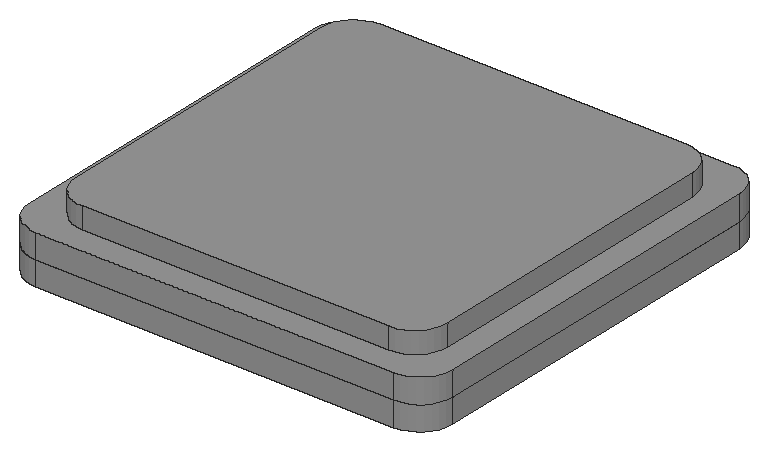
Revit family "FMS2_63_UN_Surface-mounted_ETK", category Lighting Fixtures, Revit 2019 (continued)
Definition of nested family "FMS.2 - Lightsource"
  Types (14, lengths in mm): name | Wattage Comments | Wattage | built-in parameter 1150134 | Photometric Web File | built-in parameter 1150142 | built-in parameter 1150105 | Lumens | built-in parameter 1150107 | built-in parameter 1150106 | Apparent Load
      .0757\r\n397.0375\t393.9993\t390.823\t387.7848\t384.7466\t381.5703\t378.5321\t375.3558\t372.3176\t369.1413\r\n366.1031\t362.9268\t359.8886\t356.7123\t353.6741\t350.4978\t347.4596\t344.2833\t341.2451\t338.2069\r\n335.0306\t331.9924\t328.8161\t325.0874\t321.3587\t317.7681\t314.0394\t310.3107\t306.7201\t302.9914\r\n299.2627\t295.6721\t291.9434\t288.2147\t284.6241\t280.8954\t277.1667\t273.5761\t269.8474\t266.1187\r\n262.39\t258.7994\t255.0707\t251.342\t247.6133\t244.0227\t240.294\t236.5653\t232.9747\t229.246\r\n225.5173\t221.9267\t218.198\t214.3312\t210.4644\t206.5976\t202.7308\t198.864\t194.9972\t191.1304\r\n187.2636\t183.3968\t179.53\t175.6632\t171.7964\t167.9296\t164.0628\t160.196\t156.3292\t152.4624\r\n148.5956\t144.7288\t141.0001\t137.0781\t133.2251\t129.3721\t125.5053\t121.6523\t117.7993\t113.9463\r\n110.1071\t106.1022\t95.1233\t84.1443\t73.1792\t62.2002\t51.2351\t40.2561\t29.2772\t18.3121\r\n7.3359\t0\t0\t0\t0\t0\t0\t0\t0\t0\r\n0\t0\t0\t0\t0\t0\t0\t0\t0\t0\r\n0\r\n502.9602\t502.4078\t501.7173\t501.0268\t500.4744\t499.922\t499.2315\t498.6791\t497.9886\t497.4362\r\n496.8838\t496.1933\t495.6409\t495.0885\t494.5361\t493.9837\t493.4313\t492.8789\t492.1884\t491.636\r\n491.0836\t490.5312\t489.9788\t489.4264\t488.7359\t488.1835\t487.6311\t487.0787\t486.5263\t485.9739\r\n485.2834\t483.9024\t481.969\t480.0356\t477.9641\t476.0307\t473.9592\t472.0258\t469.9543\t468.0209\r\n465.9494\t463.8779\t461.9445\t459.873\t457.9396\t455.8681\t453.9347\t451.8632\t449.7917\t447.8583\r\n445.7868\t443.7153\t441.7819\t439.7104\t437.6389\t435.7055\t433.634\t431.5625\t429.491\t427.5576\r\n425.4861\t423.2765\t420.1002\t417.062\t414.0238\t410.9856\t407.9474\t404.9092\t401.7329\t398.6947\r\n395.6565\t392.6183\t389.5801\t386.4038\t383.3656\t380.3274\t377.2892\t374.1129\t371.0747\t368.0365\r\n364.9983\t361.822\t358.7838\t355.7456\t352.5693\t349.5311\t346.4929\t343.4547\t340.2784\t337.2402\r\n334.202\t331.0257\t327.4351\t323.7064\t320.1158\t316.3871\t312.6584\t309.0678\t305.3391\t301.7485\r\n298.0198\t294.4292\t290.7005\t287.1099\t283.3812\t279.7906\t276.0619\t272.3332\t268.7426\t265.0139\r\n261.4233\t257.6946\t254.104\t250.3753\t246.7847\t243.056\t239.4654\t235.7367\t232.1461\t228.4174\r\n224.8268\t221.0981\t217.2313\t213.3645\t209.4977\t205.769\t201.9022\t198.0354\t194.1686\t190.3018\r\n186.5731\t182.7063\t178.8395\t174.9727\t171.1059\t167.2391\t163.5104\t159.6436\t155.7768\t151.91\r\n148.0432\t144.1764\t140.4477\t136.5533\t132.7141\t128.8749\t125.0219\t121.1827\t117.3436\t113.5044\r\n109.6652\t101.8073\t90.8698\t79.9185\t68.9671\t58.0158\t47.0645\t36.1131\t25.1618\t14.2105\r\n3.2619\t0\t0\t0\t0\t0\t0\t0\t0\t0\r\n0\t0\t0\t0\t0\t0\t0\t0\t0\t0\r\n0\r\n502.9602\t502.4078\t501.7173\t501.0268\t500.4744\t499.7839\t499.2315\t498.541\t497.9886\t497.4362\r\n496.7457\t496.1933\t495.5028\t494.9504\t494.398\t493.7075\t493.1551\t492.6027\t491.9122\t491.3598\r\n490.8074\t490.1169\t489.5645\t489.0121\t488.4597\t487.7692\t487.2168\t486.6644\t486.112\t485.4215\r\n484.8691\t483.0738\t481.0023\t479.0689\t476.9974\t474.9259\t472.9925\t470.921\t468.9876\t466.9161\r\n464.9827\t462.9112\t460.8397\t458.9063\t456.8348\t454.9014\t452.8299\t450.8965\t448.825\t446.8916\r\n444.8201\t442.7486\t440.8152\t438.7437\t436.6722\t434.7388\t432.6673\t430.5958\t428.6624\t426.5909\r\n424.5194\t421.7574\t418.7192\t415.5429\t412.5047\t409.4665\t406.4283\t403.3901\t400.3519\t397.3137\r\n394.1374\t391.0992\t388.061\t385.0228\t381.9846\t378.9464\t375.9082\t372.87\t369.8318\t366.6555\r\n363.6173\t360.5791\t357.5409\t354.5027\t351.4645\t348.4263\t345.25\t342.2118\t339.1736\t336.1354\r\n333.0972\t329.5066\t325.916\t322.3254\t318.5967\t315.0061\t311.4155\t307.6868\t304.0962\t300.3675\r\n296.7769\t293.1863\t289.4576\t285.867\t282.2764\t278.5477\t274.9571\t271.2284\t267.6378\t264.0472\r\n260.3185\t256.7279\t253.1373\t249.4086\t245.818\t242.0893\t238.4987\t234.9081\t231.1794\t227.5888\r\n223.9982\t220.1314\t216.2646\t212.5359\t208.6691\t204.8023\t201.0736\t197.2068\t193.34\t189.6113\r\n185.7445\t181.8777\t178.149\t174.2822\t170.4154\t166.5486\t162.8199\t158.9531\t155.0863\t151.3576\r\n147.4908\t143.624\t139.7572\t135.9871\t132.1617\t128.3363\t124.511\t120.6718\t116.8464\t113.021\r\n109.1957\t99.0453\t88.1354\t77.2255\t66.3018\t55.3919\t44.482\t33.5583\t22.6484\t11.7302\r\n0.8141\t0\t0\t0\t0\t0\t0\t0\t0\t0\r\n0\t0\t0\t0\t0\t0\t0\t0\t0\t0\r\n0\r\n502.9602\t502.4078\t501.7173\t501.1649\t500.4744\t499.7839\t499.2315\t498.541\t497.9886\t497.2981\r\n496.7457\t496.0552\t495.5028\t494.8123\t494.2599\t493.5694\t493.017\t492.3265\t491.7741\t491.0836\r\n490.5312\t489.8407\t489.2883\t488.5978\t487.9073\t487.3549\t486.6644\t486.112\t485.4215\t484.8691\r\n484.1786\t482.2452\t480.1737\t478.1022\t476.1688\t474.0973\t472.0258\t470.0924\t468.0209\t465.9494\r\n464.016\t461.9445\t459.873\t457.9396\t455.8681\t453.9347\t451.8632\t449.7917\t447.8583\t445.7868\r\n443.7153\t441.7819\t439.7104\t437.6389\t435.7055\t433.634\t431.5625\t429.6291\t427.5576\t425.4861\r\n423.5527\t420.5145\t417.4763\t414.3\t411.2618\t408.2236\t405.1854\t402.1472\t399.109\t396.0708\r\n393.0326\t389.9944\t386.8181\t383.7799\t380.7417\t377.7035\t374.6653\t371.6271\t368.5889\t365.5507\r\n362.5125\t359.4743\t356.298\t353.2598\t350.2216\t347.1834\t344.1452\t341.107\t338.0688\t335.0306\r\n331.9924\t328.2637\t324.6731\t321.0825\t317.3538\t313.7632\t310.1726\t306.582\t302.8533\t299.2627\r\n295.6721\t291.9434\t288.3528\t284.7622\t281.0335\t277.4429\t273.8523\t270.1236\t266.533\t262.9424\r\n259.3518\t255.6231\t252.0325\t248.4419\t244.7132\t241.1226\t237.532\t233.8033\t230.2127\t226.6221\r\n223.0315\t219.1647\t215.2979\t211.5692\t207.7024\t203.9737\t200.1069\t196.2401\t192.5114\t188.6446\r\n184.9159\t181.0491\t177.3204\t173.4536\t169.5868\t165.8581\t161.9913\t158.2626\t154.3958\t150.6671\r\n146.8003\t142.9335\t139.2048\t135.3656\t131.5541\t127.7563\t123.9447\t120.1332\t116.3216\t112.5101\r\n108.7123\t97.8438\t86.9616\t76.0931\t65.2246\t54.3562\t43.4877\t32.6192\t21.7369\t10.8712\r\n0\t0\t0\t0\t0\t0\t0\t0\t0\t0\r\n0\t0\t0\t0\t0\t0\t0\t0\t0\t0\r\n0\r\n502.9602\t502.2697\t501.5792\t500.8887\t500.1982\t499.6458\t498.9553\t498.2648\t497.5743\t496.8838\r\n496.1933\t495.6409\t494.9504\t494.2599\t493.5694\t492.8789\t492.3265\t491.636\t490.9455\t490.255\r\n489.7026\t489.0121\t488.3216\t487.7692\t487.0787\t486.3882\t485.8358\t485.1453\t484.4548\t483.9024\r\n483.2119\t481.2785\t479.3451\t477.2736\t475.2021\t473.1306\t471.1972\t469.1257\t467.0542\t464.9827\r\n462.9112\t460.9778\t458.9063\t456.8348\t454.7633\t452.8299\t450.7584\t448.6869\t446.6154\t444.5439\r\n442.6105\t440.539\t438.4675\t436.396\t434.4626\t432.3911\t430.3196\t428.2481\t426.1766\t424.2432\r\n422.1717\t419.2716\t416.2334\t413.1952\t410.157\t406.9807\t403.9425\t400.9043\t397.8661\t394.8279\r\n391.7897\t388.6134\t385.5752\t382.537\t379.4988\t376.4606\t373.2843\t370.2461\t367.2079\t364.1697\r\n361.1315\t357.9552\t354.917\t351.8788\t348.8406\t345.8024\t342.6261\t339.5879\t336.5497\t333.5115\r\n330.4733\t326.8827\t323.2921\t319.7015\t315.9728\t312.3822\t308.7916\t305.201\t301.4723\t297.8817\r\n294.2911\t290.7005\t286.9718\t283.3812\t279.7906\t276.2\t272.4713\t268.8807\t265.2901\t261.6995\r\n258.1089\t254.3802\t250.7896\t247.199\t243.6084\t240.0178\t236.4272\t232.6985\t229.1079\t225.5173\r\n221.9267\t218.198\t214.3312\t210.6025\t206.7357\t203.007\t199.1402\t195.4115\t191.5447\t187.816\r\n183.9492\t180.2205\t176.3537\t172.625\t168.7582\t165.0295\t161.1627\t157.434\t153.5672\t149.8385\r\n145.9717\t142.243\t138.5143\t134.6613\t130.8636\t127.0796\t123.2819\t119.4979\t115.714\t111.9162\r\n108.1323\t98.0924\t87.2792\t76.466\t65.6527\t54.8533\t44.0401\t33.2269\t22.4274\t11.6142\r\n0.806\t0\t0\t0\t0\t0\t0\t0\t0\t0\r\n0\t0\t0\t0\t0\t0\t0\t0\t0\t0\r\n0\r\n502.9602\t502.2697\t501.5792\t500.7506\t500.0601\t499.3696\t498.6791\t497.9886\t497.16\t496.4695\r\n495.779\t495.0885\t494.398\t493.7075\t493.1551\t492.4646\t491.7741\t491.0836\t490.3931\t489.7026\r\n489.1502\t488.4597\t487.7692\t487.0787\t486.3882\t485.6977\t485.0072\t484.3167\t483.6262\t482.9357\r\n482.2452\t480.8642\t478.7927\t476.7212\t474.6497\t472.5782\t470.5067\t468.4352\t466.3637\t464.1541\r\n462.0826\t460.0111\t457.9396\t455.8681\t453.7966\t451.7251\t449.6536\t447.5821\t445.5106\t443.4391\r\n441.3676\t439.2961\t437.0865\t435.015\t432.9435\t430.872\t428.8005\t426.729\t424.5194\t422.4479\r\n420.3764\t418.0287\t414.9905\t411.9523\t408.9141\t405.7378\t402.6996\t399.6614\t396.4851\t393.4469\r\n390.4087\t387.3705\t384.1942\t381.156\t378.1178\t374.9415\t371.9033\t368.727\t365.6888\t362.6506\r\n359.4743\t356.4361\t353.3979\t350.2216\t347.1834\t344.1452\t340.9689\t337.9307\t334.8925\t331.8543\r\n328.678\t325.6398\t321.9111\t318.3205\t314.7299\t311.1393\t307.4106\t303.82\t300.2294\t296.6388\r\n292.9101\t289.3195\t285.7289\t282.1383\t278.5477\t274.9571\t271.2284\t267.6378\t264.0472\t260.4566\r\n256.866\t253.2754\t249.5467\t245.9561\t242.3655\t238.7749\t235.1843\t231.5937\t228.0031\t224.4125\r\n220.8219\t217.0932\t213.3645\t209.4977\t205.769\t202.0403\t198.1735\t194.4448\t190.578\t186.8493\r\n183.1206\t179.2538\t175.5251\t171.6583\t167.9296\t164.2009\t160.3341\t156.6054\t152.7386\t149.0099\r\n145.2812\t141.4144\t137.6995\t133.9294\t130.1593\t126.3891\t122.619\t118.8489\t115.0787\t111.3086\r\n107.5523\t99.8463\t89.1021\t78.3579\t67.6138\t56.8834\t46.1392\t35.4088\t24.6647\t13.9343\r\n3.197\t0\t0\t0\t0\t0\t0\t0\t0\t0\r\n0\t0\t0\t0\t0\t0\t0\t0\t0\t0\r\n0\r\n502.9602\t502.2697\t501.4411\t500.6125\t499.922\t499.0934\t498.4029\t497.7124\t496.8838\t496.1933\r\n495.5028\t494.8123\t494.1218\t493.4313\t492.7408\t492.0503\t491.3598\t490.6693\t489.9788\t489.1502\r\n488.4597\t487.7692\t487.0787\t486.3882\t485.5596\t484.8691\t484.0405\t483.35\t482.5214\t481.8309\r\n481.0023\t480.3118\t478.1022\t476.0307\t473.9592\t471.8877\t469.6781\t467.6066\t465.5351\t463.3255\r\n461.254\t459.0444\t456.9729\t454.7633\t452.6918\t450.6203\t448.4107\t446.3392\t444.2677\t442.0581\r\n439.9866\t437.777\t435.7055\t433.634\t431.4244\t429.3529\t427.2814\t425.0718\t423.0003\t420.7907\r\n418.7192\t416.5096\t414.1619\t410.9856\t407.8093\t404.7711\t401.5948\t398.5566\t395.3803\t392.204\r\n389.1658\t385.9895\t382.9513\t379.775\t376.7368\t373.5605\t370.3842\t367.346\t364.1697\t361.1315\r\n357.9552\t354.7789\t351.7407\t348.5644\t345.5262\t342.3499\t339.3117\t336.1354\t333.0972\t330.059\r\n326.8827\t323.8445\t320.8063\t317.0776\t313.487\t309.7583\t306.1677\t302.5771\t298.8484\t295.2578\r\n291.6672\t287.9385\t284.3479\t280.7573\t277.1667\t273.438\t269.8474\t266.2568\t262.6662\t259.0756\r\n255.3469\t251.7563\t248.1657\t244.5751\t240.9845\t237.3939\t233.8033\t230.2127\t226.6221\t223.0315\r\n219.4409\t215.8503\t212.2597\t208.3929\t204.6642\t200.7974\t197.0687\t193.34\t189.4732\t185.7445\r\n182.0158\t178.149\t174.4203\t170.6916\t166.8248\t163.0961\t159.3674\t155.6387\t151.91\t148.1813\r\n144.3145\t140.5858\t136.8709\t133.1284\t129.3997\t125.6572\t121.9147\t118.1722\t114.4435\t110.7148\r\n106.9723\t103.0917\t92.4303\t81.7552\t71.0939\t60.4326\t49.7712\t39.1099\t28.4486\t17.7873\r\n7.1246\t0\t0\t0\t0\t0\t0\t0\t0\t0\r\n0\t0\t0\t0\t0\t0\t0\t0\t0\t0\r\n0\r\n502.9602\t502.1316\t501.303\t500.6125\t499.7839\t498.9553\t498.1267\t497.4362\t496.7457\t496.0552\r\n495.3647\t494.6742\t493.9837\t493.1551\t492.4646\t491.636\t490.9455\t490.1169\t489.4264\t488.5978\r\n487.9073\t487.0787\t486.2501\t485.4215\t484.5929\t483.9024\t483.0738\t482.2452\t481.4166\t480.588\r\n479.7594\t478.9308\t477.826\t475.6164\t473.4068\t471.1972\t468.9876\t466.9161\t464.7065\t462.635\r\n460.4254\t458.2158\t456.1443\t453.9347\t451.7251\t449.5155\t447.3059\t445.0963\t443.0248\t440.8152\r\n438.6056\t436.396\t434.1864\t431.9768\t429.9053\t427.6957\t425.4861\t423.2765\t421.0669\t418.7192\r\n416.5096\t414.3\t412.0904\t410.0189\t406.9807\t403.8044\t400.6281\t397.4518\t394.2755\t391.0992\r\n387.9229\t384.7466\t381.5703\t378.394\t375.3558\t372.1795\t369.0032\t365.8269\t362.6506\t359.4743\r\n356.298\t353.1217\t350.0835\t346.9072\t343.7309\t340.5546\t337.3783\t334.3401\t331.1638\t327.9875\r\n324.9493\t321.773\t318.5967\t315.5585\t312.2441\t308.5154\t304.9248\t301.1961\t297.6055\t293.8768\r\n290.2862\t286.6956\t282.9669\t279.3763\t275.7857\t272.057\t268.4664\t264.8758\t261.1471\t257.5565\r\n253.9659\t250.3753\t246.6466\t243.056\t239.4654\t235.8748\t232.1461\t228.5555\t224.9649\t221.3743\r\n217.7837\t214.1931\t210.6025\t207.0119\t203.2832\t199.5545\t195.8258\t191.959\t188.2303\t184.5016\r\n180.7729\t177.0442\t173.3155\t169.5868\t165.72\t161.9913\t158.2626\t154.5339\t150.8052\t147.0765\r\n143.4859\t139.7572\t135.9871\t132.286\t128.5711\t124.8562\t121.1551\t117.454\t113.753\t110.0519\r\n106.3508\t102.6497\t97.1395\t86.5473\t75.9688\t65.3903\t54.8119\t44.2334\t33.655\t23.0903\r\n12.5146\t1.9444\t0\t0\t0\t0\t0\t0\t0\t0\r\n0\t0\t0\t0\t0\t0\t0\t0\t0\t0\r\n0\r\n502.9602\t502.1316\t501.303\t500.4744\t499.6458\t498.8172\t498.1267\t497.4362\t496.7457\t496.0552\r\n495.2266\t494.398\t493.7075\t492.8789\t492.0503\t491.3598\t490.5312\t489.7026\t488.874\t488.0454\r\n487.2168\t486.3882\t485.4215\t484.5929\t483.7643\t482.7976\t481.969\t481.0023\t480.0356\t479.0689\r\n478.1022\t477.2736\t476.3069\t475.3402\t473.1306\t470.921\t468.7114\t466.5018\t464.2922\t462.0826\r\n459.7349\t457.5253\t455.3157\t453.1061\t450.8965\t448.5488\t446.3392\t443.9915\t441.7819\t439.4342\r\n437.2246\t434.8769\t432.6673\t430.4577\t428.11\t425.9004\t423.5527\t421.3431\t418.9954\t416.7858\r\n414.4381\t412.2285\t409.8808\t407.5331\t405.3235\t402.9758\t399.7995\t396.6232\t393.3088\t390.1325\r\n386.9562\t383.7799\t380.4655\t377.2892\t373.9748\t370.7985\t367.6222\t364.3078\t361.1315\t357.9552\r\n354.7789\t351.6026\t348.4263\t345.25\t342.0737\t338.8974\t335.7211\t332.5448\t329.3685\t326.0541\r\n322.8778\t319.7015\t316.5252\t313.3489\t310.1726\t306.9963\t303.6819\t299.9532\t296.3626\t292.6339\r\n288.9052\t285.3146\t281.5859\t277.8572\t274.2666\t270.5379\t266.9473\t263.2186\t259.628\t255.8993\r\n252.3087\t248.7181\t245.1275\t241.3988\t237.8082\t234.2176\t230.627\t227.0364\t223.4458\t219.8552\r\n216.2646\t212.674\t209.0834\t205.4928\t201.9022\t198.3116\t194.4448\t190.7161\t186.9874\t183.2587\r\n179.53\t175.8013\t172.0726\t168.3439\t164.6152\t160.8865\t157.1578\t153.4291\t149.7004\t145.9717\r\n142.243\t138.6524\t134.9237\t131.2364\t127.5492\t123.8757\t120.2022\t116.5288\t112.8553\t109.1957\r\n105.5222\t101.8764\t98.2167\t92.527\t82.0452\t71.5772\t61.1093\t50.6413\t40.1733\t29.7191\r\n19.2511\t8.7956\t0\t0\t0\t0\t0\t0\t0\t0\r\n0\t0\t0\t0\t0\t0\t0\t0\t0\t0\r\n0\r\n502.9602\t502.1316\t501.303\t500.3363\t499.5077\t498.8172\t498.1267\t497.4362\t496.7457\t495.9171\r\n495.0885\t494.2599\t493.4313\t492.6027\t491.7741\t490.9455\t490.1169\t489.2883\t488.3216\t487.493\r\n486.5263\t485.5596\t484.5929\t483.6262\t482.6595\t481.6928\t480.7261\t479.7594\t478.7927\t477.826\r\n476.7212\t475.7545\t474.6497\t473.5449\t472.5782\t470.7829\t468.4352\t466.2256\t463.8779\t461.5302\r\n459.3206\t456.9729\t454.6252\t452.2775\t450.0679\t447.7202\t445.3725\t443.0248\t440.6771\t438.3294\r\n435.9817\t433.634\t431.1482\t428.8005\t426.4528\t424.1051\t421.7574\t419.4097\t417.062\t414.7143\r\n412.2285\t409.8808\t407.5331\t405.1854\t402.6996\t400.3519\t398.0042\t395.6565\t392.7564\t389.442\r\n386.2657\t382.9513\t379.6369\t376.3225\t373.0081\t369.6937\t366.3793\t363.0649\t359.7505\t356.5742\r\n353.2598\t350.0835\t346.7691\t343.4547\t340.2784\t336.964\t333.7877\t330.4733\t327.1589\t323.9826\r\n320.8063\t317.4919\t314.3156\t311.1393\t307.8249\t304.6486\t301.4723\t298.296\t295.1197\t291.5291\r\n287.6623\t283.9336\t280.2049\t276.4762\t272.7475\t269.1569\t265.4282\t261.6995\t258.1089\t254.3802\r\n250.7896\t247.0609\t243.4703\t239.7416\t236.151\t232.5604\t228.8317\t225.2411\t221.6505\t217.9218\r\n214.3312\t210.7406\t207.15\t203.5594\t199.9688\t196.3782\t192.7876\t189.3351\t185.6064\t181.7396\r\n178.0109\t174.2822\t170.5535\t166.9629\t163.2342\t159.5055\t155.7768\t152.0481\t148.4575\t144.7288\r\n141.0001\t137.3957\t133.7222\t130.0764\t126.4167\t122.7709\t119.1389\t115.5068\t111.8748\t108.2428\r\n104.6246\t101.0202\t97.4019\t93.8113\t89.3369\t78.9794\t68.6219\t58.2644\t47.9207\t37.577\r\n27.2471\t16.9034\t6.568\t0\t0\t0\t0\t0\t0\t0\r\n0\t0\t0\t0\t0\t0\t0\t0\t0\t0\r\n0\r\n502.9602\t502.1316\t501.1649\t500.3363\t499.5077\t498.8172\t498.1267\t497.4362\t496.6076\t495.779\r\n494.9504\t494.1218\t493.2932\t492.4646\t491.636\t490.6693\t489.7026\t488.874\t487.9073\t486.8025\r\n485.8358\t484.8691\t483.7643\t482.7976\t481.8309\t480.7261\t479.6213\t478.5165\t477.4117\t476.3069\r\n475.2021\t474.0973\t472.9925\t471.7496\t470.6448\t469.4019\t468.159\t466.0875\t463.7398\t461.3921\r\n459.0444\t456.6967\t454.2109\t451.8632\t449.3774\t446.8916\t444.5439\t442.0581\t439.7104\t437.2246\r\n434.8769\t432.3911\t429.9053\t427.4195\t424.9337\t422.586\t420.1002\t417.6144\t415.1286\t412.6428\r\n410.2951\t407.8093\t405.3235\t402.8377\t400.2138\t397.728\t395.2422\t392.7564\t390.2706\t387.9229\r\n385.4371\t382.2608\t378.9464\t375.632\t372.1795\t368.8651\t365.4126\t362.0982\t358.6457\t355.3313\r\n352.0169\t348.7025\t345.3881\t341.9356\t338.6212\t335.3068\t331.8543\t328.5399\t325.2255\t322.0492\r\n318.7348\t315.4204\t312.106\t308.7916\t305.4772\t302.3009\t298.9865\t295.6721\t292.3577\t289.0433\r\n285.7289\t282.5526\t278.962\t275.2333\t271.5046\t267.7759\t264.0472\t260.3185\t256.5898\t252.8611\r\n249.1324\t245.4037\t241.675\t237.9463\t234.3557\t230.627\t226.8983\t223.3077\t219.7171\t216.1265\r\n212.5359\t208.9453\t205.2166\t201.626\t198.0354\t194.4448\t190.8542\t187.2636\t183.673\t180.2205\r\n176.4918\t172.7631\t169.0344\t165.3057\t161.577\t157.9864\t154.2577\t150.6671\t146.9384\t143.3478\r\n139.6191\t136.0561\t132.4379\t128.8335\t125.2015\t121.5832\t117.965\t114.3606\t110.7562\t107.1656\r\n103.5888\t100.012\t96.449\t92.8999\t89.3507\t85.8153\t77.1979\t66.9785\t56.7591\t46.5535\r\n36.3479\t26.1423\t15.9367\t5.7353\t0\t0\t0\t0\t0\t0\r\n0\t0\t0\t0\t0\t0\t0\t0\t0\t0\r\n0\r\n502.9602\t502.1316\t501.1649\t500.3363\t499.5077\t498.8172\t498.1267\t497.2981\t496.4695\t495.6409\r\n494.8123\t493.9837\t493.1551\t492.3265\t491.3598\t490.3931\t489.4264\t488.3216\t487.3549\t486.3882\r\n485.2834\t484.1786\t483.2119\t481.969\t480.8642\t479.7594\t478.5165\t477.4117\t476.1688\t475.064\r\n473.8211\t472.5782\t471.1972\t469
